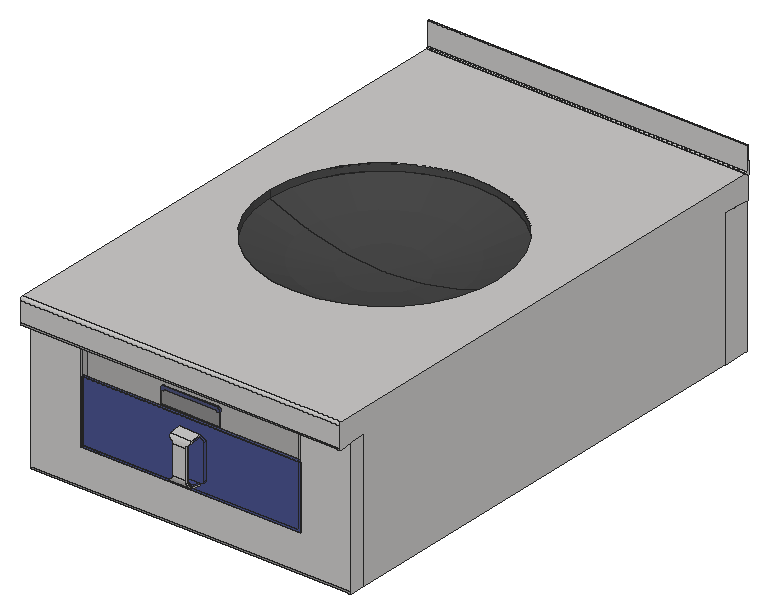
Revit family "QF_ELECTROLUXPROFESSIONAL_588026_MAIHABEOAO", category Specialty Equipment, Revit 2018
Family settings
  Round Connector Dimension = Use Diameter
  Part Type = Normal
  Work Plane-Based = No
  Always vertical = Yes
  Cut with Voids When Loaded = No
  Shared = No
  Room Calculation Point = No
Parameters
  Weight in Pounds = 33.0693
  Watts = 5000 VA  # 5000 W
  Volts = 400 V  # constant formula
  URL Cutsheet = ""
  Type Mark [instance] = ""
  Status [instance] = ""
  Specification by User [instance] = ""
  Specification by Manufacturer = ""
  Show Backsplash [instance] = yes
  Serial Number = ""
  Seismic Rating = ""
  SMACNA No = ""
  Revision Code [instance] = ""
  Phase = 3  # constant formula
  Omniclass Number and Title = ""
  Number of Poles [instance] = 1
  NAFEM Spec ID Number = ""
  Model = "588026"
  Min Ckt Ampacity = 0 A
  Max Overcurrent Protection = 0 A
  Masterspec = ""
  Manufacturer = "ELECTROLUX"
  Item Number [instance] = ""
  Installed By [instance] = ""
  Identify Quantity as Lot [instance] = yes
  HP = "6.7 HP"
  Furnished By [instance] = ""
  Foodservice Equipment Identifier [instance] = yes
  FL Amps [instance] = if(Phase = 3, Watts / (Volts * 1.73), Watts / Volts)  # 7.22543 A
  Electrical Remarks = "400 V/3N ph/50/60 Hz"  # constant formula
  Electric Connection Type [instance] = ""
  Elec Conn RI Height [instance] = 0 mm
  Elec Conn Connection Height [instance] = 0 mm
  Direct Waste Size = 0"
  Description = "INDUCTION WOK,1 ZONE,1S,BS,500X800X250H"
  Cycle [instance] = if([60 Hertz Option], 60 Hz, 50 Hz)  # 60 Hz
  Conn Plug = ""
  Conn Conduit = yes
  CSI MasterFormat = ""
  CSI Master Format = ""
  Back Panel [instance] = not(Show Backsplash)  # no
  Apparent Power [instance] = if(Phase = 3, Volts * FL Amps * 1.73, Volts * FL Amps)  # 5000 VA
  60 Hertz Option [instance] = not([50 Hertz Option])  # yes
  50 Hertz Option [instance] = no
Reference planes
  plane 1 "BACK": y = 0
  plane 2: z = 0
  plane 3 "LEFT": x = 0
  plane 4 "RIGHT": x = 500
  plane 5 "FRONT": y = -800
  plane 6 "TOP": z = 250
  plane 7: x = 250
  plane 8: y = -400
  plane 9: z = 582.185
  plane 10: x = 455
Forms (mm)
  Extrusion 1, solid, material "QF_Finishes_Stainless Steel"
    sketch origin (0, -487.128, 0) x (0, 1, 0) y (0, 0, 1)
      loop
        line (483.128, 250) -> (-308.872, 250)
        arc (-308.872, 250) -> (-311.7, 248.828) -> (-312.872, 246) r 4
        line (-312.872, 246) -> (-312.872, 214)
        arc (-312.872, 214) -> (-311.443, 210.936) -> (-308.177, 210.061) r 4
        line (-308.177, 210.061) -> (-291.509, 213) -> (-266.872, 213) -> (-266.872, 0) -> (441.128, 0) -> (441.128, 213) -> (465.765, 213) -> (482.433, 210.061)
        arc (482.433, 210.061) -> (485.699, 210.936) -> (487.128, 214) r 4
        line (487.128, 214) -> (487.128, 246)
        arc (487.128, 246) -> (485.956, 248.828) -> (483.128, 250) r 4
    from 0 to 500
  Extrusion 2, solid, material "QF_Finishes_Stainless Steel", visible <- "Back Panel"
    sketch origin (0, 0, 0) x (0, 1, 0) y (0, 0, 1)
      loop
        line (-46, 0) -> (-23, 0)
        arc (-23, 0) -> (-20.879, -0.879) -> (-20, -3) r 3
        line (-20, -3) -> (-20, 215)
        arc (-20, 215) -> (-20.586, 213.586) -> (-22, 213) r 2
        line (-22, 213) -> (-46, 213) -> (-46, 0)
    from 0 to 500
  Extrusion 3, solid, material "QF_Finishes_Stainless Steel"
    sketch origin (0, -754, 0) x (1, 0, 0) y (0, -1, 0)
      loop
        circle (455, -69) r 6.35
    from 0 to 3.2
  Revolve 4, void
    sketch origin (-176.365, -400, 1219.2) x (-1, 0, 0) y (0, 0, 1)
      loop
        line (-426.365, -969.2) -> (-426.365, -1021.018)
        arc (-426.365, -1021.018) -> (-334.117, -1010.707) -> (-246.365, -980.45) r 421.407
        line (-246.365, -980.45) -> (-246.365, -969.2) -> (-426.365, -969.2)
      axis (-426.365, -969.2) -> (-426.365, -1021.018)
    angle from 0 to 360
  Extrusion 5, solid, material "QF_Finishes_Stainless Steel", visible <- "Show Backsplash"
    sketch origin (0, 0, 0) x (0, 1, 0) y (0, 0, 1)
      loop
        line (-2.951, 2) -> (-2.951, 210.133)
        arc (-2.951, 210.133) -> (-3.795, 210.009) -> (-4.646, 210.066) r 4
        line (-4.646, 210.066) -> (-21.287, 213) -> (-45, 213) -> (-45, 0) -> (-4.951, 0)
        arc (-4.951, 0) -> (-3.537, 0.586) -> (-2.951, 2) r 2
      loop
        arc (-1.951, 252.006) -> (-2.537, 250.592) -> (-3.951, 250.006) r 2
        arc (-3.951, 250.006) -> (-1.172, 248.828) -> (0, 246) r 4
        line (0, 246) -> (0, 288.006) -> (-1.951, 288.006) -> (-1.951, 252.006)
    from 500 to 0
Cuts and joins
  Revolve 4 cuts Extrusion 1
Lines and regions (mm)
  symbolic lines
    curve 1: line (0, 0, 0) -> (500, 0, 0)
    curve 2: line (0, -800, 0) -> (0, 0, 0)
    curve 3: line (500, -800, 0) -> (0, -800, 0)
    curve 4: line (500, 0, 0) -> (500, -800, 0)
    curve 5: arc (70, -400, 0) -> (250, -220, 0) -> (430, -400, 0) r 180
    curve 6: arc (430, -400, 0) -> (250, -580, 0) -> (70, -400, 0) r 180
  symbolic lines, visible <- "Show Backsplash"
    curve 7: line (0, -1.951, 0) -> (400, -1.951, 0)
Dimensions and locks
  plane 3 "LEFT" to plane 4 "RIGHT" = 500 mm
  plane 5 "FRONT" to plane 1 "BACK" = 800 mm
  equal spacing: plane 3 "LEFT", plane 7, plane 4 "RIGHT"
  equal spacing: plane 5 "FRONT", plane 8, plane 1 "BACK"
  plane 6 "TOP" to level = 250 mm  (x2)
  plane 1 "BACK" to plane 5 "FRONT" = 800 mm
  Extrusion 3 sketch curve to plane 1 "BACK" = 685 mm
  Extrusion 3 sketch curve to plane 4 "RIGHT" = 45 mm
  plane 1 "BACK" to Extrusion 3 = 685 mm
  plane 10 to plane 4 "RIGHT" = 45 mm
  aligned and locked: level to plane 2
  aligned and locked: Extrusion 2 to plane 4 "RIGHT"
  aligned and locked: plane 7 to nested 1
Automatic sketch dimensions
  Extrusion 1 sketch curve to plane 5 "FRONT" = 0 mm
  Extrusion 1 sketch curve to plane 6 "TOP" = 0 mm
  Extrusion 1 sketch curve to level = 0 mm
  Extrusion 1 sketch curve to plane 1 "BACK" = 0 mm
  Extrusion 1 sketch curve to plane 6 "TOP" = 37 mm  (x2)
  Extrusion 1 sketch curve to plane 5 "FRONT" = 4 mm
  Extrusion 1 sketch curve to plane 5 "FRONT" = 21.363 mm
  Extrusion 1 sketch curve to Extrusion 1 sketch curve = 24.637 mm
  plane 1 "BACK" to Extrusion 1 sketch curve = 46 mm
  plane 1 "BACK" to Extrusion 1 sketch curve = 21.363 mm
  plane 1 "BACK" to Extrusion 1 sketch curve = 4 mm  (x2)
  Extrusion 1 sketch curve to Extrusion 1 sketch curve = 4 mm
  Extrusion 1 sketch curve to Extrusion 1 sketch curve = 0.695 mm
  Extrusion 1 sketch curve to Extrusion 1 sketch curve = 0 mm  (x4)
  plane 1 "BACK" to Extrusion 1 sketch curve = 4.695 mm
  Extrusion 1 sketch curve to Extrusion 1 sketch curve = 1 mm  (x2)
  Extrusion 2 sketch curve to level = 0 mm
  plane 1 "BACK" to Extrusion 2 sketch curve = 46 mm
  Extrusion 2 sketch curve to level = 3 mm
  Extrusion 2 sketch curve to Extrusion 2 sketch curve = 23 mm
  Extrusion 2 sketch curve to Extrusion 2 sketch curve = 2 mm
  Extrusion 2 sketch curve to plane 6 "TOP" = 37 mm
  Revolve 4 sketch curve to plane 7 = 0 mm  (x2)
  Revolve 4 sketch curve to plane 6 "TOP" = 0 mm
  Revolve 4 sketch curve to plane 6 "TOP" = 51.818 mm
  plane 3 "LEFT" to Revolve 4 sketch curve = 70 mm
  plane 7 to Revolve 4 sketch curve = 0.405 mm
  Revolve 4 sketch curve to Revolve 4 sketch curve = 11.25 mm
  Revolve 4 sketch curve to level = 215 mm
  plane 6 "TOP" to Revolve 4 sketch curve = 110 mm
  plane 1 "BACK" to curve 1 = 0 mm
  curve 1 to plane 4 "RIGHT" = 0 mm
  curve 2 to plane 3 "LEFT" = 0 mm
  plane 5 "FRONT" to curve 3 = 0 mm
  curve 5 to plane 8 = 0 mm
  curve 6 to plane 7 = 0 mm
  plane 10 to curve 5 = 25 mm
  Extrusion 5 sketch curve to level = 0 mm
  Extrusion 5 sketch curve to plane 1 "BACK" = 0 mm  (x2)
  level to Extrusion 5 sketch curve = 2 mm
  Extrusion 5 sketch curve to plane 6 "TOP" = 0 mm
  plane 1 "BACK" to Extrusion 5 sketch curve = 1.951 mm
  plane 1 "BACK" to Extrusion 5 sketch curve = 2.951 mm
  Extrusion 5 sketch curve to Extrusion 5 sketch curve = 18.335 mm
  Extrusion 5 sketch curve to Extrusion 5 sketch curve = 40.049 mm
  Extrusion 5 sketch curve to Extrusion 5 sketch curve = 1.695 mm
  Extrusion 5 sketch curve to Extrusion 5 sketch curve = 0 mm  (x3)
  plane 1 "BACK" to Extrusion 5 sketch curve = 4 mm
  plane 1 "BACK" to Extrusion 5 sketch curve = 3.951 mm
  Extrusion 5 sketch curve to Extrusion 5 sketch curve = 2 mm
  Extrusion 5 sketch curve to Extrusion 5 sketch curve = 35.867 mm
  Extrusion 5 sketch curve to plane 6 "TOP" = 37 mm
  plane 6 "TOP" to Extrusion 5 sketch curve = 2.006 mm
  Extrusion 5 sketch curve to Extrusion 5 sketch curve = 36 mm
  Extrusion 5 sketch curve to Extrusion 5 sketch curve = 0.066 mm
  curve 7 to plane 3 "LEFT" = 0 mm
  plane 1 "BACK" to curve 7 = 1.951 mm
  plane 10 to curve 7 = 55 mm
  radius of Extrusion 3 sketch curve = 6.35 mm
Nested families
  nested 1: "IW_800_500 Panel Single Centered" at (250, -754, -651.71), type "IW_800_500 Panel Single Centered"
Connectors
  electrical at (455, -685, -3.2), driven by "Volts", driven by "Watts"
    settings: on Extrusion 3, index 1, voltage 400 V, apparent load 5000 VA, apparent load phase1 0 VA, apparent load phase2 0 VA, apparent load phase3 0 VA, power factor 1, load classification "Other", number of poles 1, system type 30, power factor state 1, is connector primary yes, connector utility no, sub classification motor no, connector description "ELECTRICAL CONNECTION"
Definition of nested family "IW_800_500 Panel Single Centered"
  Reference planes
    plane 1 "Center (Front/Back)": y = 0
    plane 2: z = 0
    plane 3 "Center (Left/Right)": x = 0
  Forms (mm)
    Extrusion 1, solid
      sketch origin (833.217, 829.203, -1.25) x (0, 1, 0) y (0, 0, 1)
        loop
          arc (-854.203, 655.96) -> (-853.324, 653.839) -> (-851.203, 652.96) r 3
          line (-851.203, 652.96) -> (-829.203, 652.96) -> (-829.203, 865.96) -> (-854.203, 865.96) -> (-854.203, 655.96)
      from -1083.217 to -583.217
    Extrusion 2, void
      sketch origin (33.217, 829.203, 0.636) x (1, 0, 0) y (0, 0, 1)
        loop
          line (-205.217, 852.364) -> (-205.217, 710.364) -> (138.783, 710.364) -> (138.783, 852.364) -> (-205.217, 852.364)
      from 843.409 to 854.203
  Cuts and joins
    Extrusion 2 cuts Extrusion 1
  Lines and regions (mm)
    symbolic lines
      curve 1: line (16.108, -48.326, 0) -> (16.108, -46, 0)
      curve 2: spline (10.439, -49.73, 0) -> (10.918, -49.657, 0) -> (11.396, -49.575, 0) -> (11.873, -49.486, 0) -> (12.349, -49.389, 0) -> (12.823, -49.283, 0) -> (13.297, -49.17, 0) -> (13.769, -49.049, 0) -> (14.24, -48.92, 0) -> (14.71, -48.783, 0) -> (15.177, -48.638, 0) -> (15.643, -48.486, 0) -> (16.108, -48.326, 0)
      curve 3: line (-16.108, -48.326, 0) -> (-16.108, -46, 0)
      curve 4: spline (-16.108, -48.326, 0) -> (-15.643, -48.486, 0) -> (-15.177, -48.638, 0) -> (-14.71, -48.783, 0) -> (-14.24, -48.92, 0) -> (-13.769, -49.049, 0) -> (-13.297, -49.17, 0) -> (-12.823, -49.283, 0) -> (-12.349, -49.389, 0) -> (-11.873, -49.486, 0) -> (-11.396, -49.575, 0) -> (-10.918, -49.657, 0) -> (-10.439, -49.73, 0)
      curve 5: line (10.439, -49.73, 0) -> (-10.439, -49.73, 0)
  Dimensions and locks
    cut or joined group of Extrusion 1, Extrusion 2 to cut or joined group of Extrusion 1, Extrusion 2 = 500 mm  (x2)
    equal spacing: cut or joined group of Extrusion 1, Extrusion 2, nested 1, cut or joined group of Extrusion 1, Extrusion 2
    cut or joined group of Extrusion 1, Extrusion 2 to cut or joined group of Extrusion 1, Extrusion 2 = 213 mm
    aligned and locked: nested 1 to cut or joined group of Extrusion 1, Extrusion 2
  Automatic sketch dimensions
    curve 3 to plane 3 "Center (Left/Right)" = 16.108 mm
    plane 3 "Center (Left/Right)" to curve 5 = 10.439 mm
    plane 1 "Center (Front/Back)" to curve 5 = 49.73 mm
    curve 3 to curve 5 = 5.669 mm
    curve 5 to curve 1 = 5.669 mm
    curve 5 to curve 4 = 4.17 mm
    plane 3 "Center (Left/Right)" to curve 2 = 6.269 mm
    curve 5 to curve 1 = 1.405 mm
    curve 4 to curve 3 = 1.405 mm
    curve 2 to curve 2 = 0.302 mm
    curve 4 to curve 5 = 0.302 mm
    curve 1 to curve 1 = 2.326 mm
    curve 4 to curve 3 = 2.326 mm
    Extrusion 1 sketch curve to plane 1 "Center (Front/Back)" = 0 mm
    level to Extrusion 1 sketch curve = 651.71 mm
    Extrusion 1 sketch curve to Extrusion 1 sketch curve = 22 mm
    Extrusion 1 sketch curve to Extrusion 1 sketch curve = 3 mm
    Extrusion 1 sketch curve to Extrusion 1 sketch curve = 210 mm
    Extrusion 2 sketch curve to plane 3 "Center (Left/Right)" = 172 mm
    level to Extrusion 2 sketch curve = 711 mm
    plane 3 "Center (Left/Right)" to Extrusion 2 sketch curve = 172 mm
    Extrusion 2 sketch curve to Extrusion 2 sketch curve = 142 mm
  Nested families
    nested 1: "glass conrol panel One Right Side" at (0, 279.791, 1.886), type "glass conrol panel One Right Side"
    nested 2: "Range Control Handle" at (0, -27.043, -209.113), type "Range Control Handle"
  Definition of nested family "glass conrol panel One Right Side"
    Reference planes
      plane 1 "Center (Front/Back)": y = 0
      plane 2: z = 0
      plane 3 "Center (Left/Right)": x = 0
    Forms (mm)
      Extrusion 1, solid
        sketch origin (378.286, 0, 0.617) x (1, 0, 0) y (0, 0, 1)
          loop
            line (-550.286, 806.791) -> (-550.286, 708.497) -> (-206.286, 708.497) -> (-206.286, 806.791) -> (-550.286, 806.791)
        from 300.031 to 304.8
      Extrusion 2, solid
        sketch origin (378.286, 0, 0.617) x (1, 0, 0) y (0, 0, 1)
          loop
            line (-550.286, 850.497) -> (-550.286, 806.791) -> (-206.286, 806.791) -> (-206.286, 850.497) -> (-550.286, 850.497)
        from 300.031 to 304.8
      Extrusion 3, solid
        sketch origin (308.333, 1.101, -0.633) x (1, 0, 0) y (0, 0, 1)
          loop
            line (-261.431, 812.62) -> (-261.431, 834.177) -> (-266.24, 834.177) -> (-268.039, 835.977) -> (-348.469, 835.977) -> (-350.269, 834.177) -> (-355.186, 834.177) -> (-355.186, 812.62) -> (-261.431, 812.62)
        from 304.798 to 306.745
      Extrusion 4, solid
        sketch origin (308.333, 1.101, -0.633) x (1, 0, 0) y (0, 0, 1)
          loop
            line (-350.269, 834.177) -> (-348.469, 835.977) -> (-268.039, 835.977) -> (-266.24, 834.177) -> (-261.529, 834.177)
            arc (-261.529, 834.177) -> (-262.706, 838.752) -> (-266.98, 840.763) r 5.549
            line (-266.98, 840.763) -> (-349.686, 840.763)
            arc (-349.686, 840.763) -> (-353.942, 838.747) -> (-355.078, 834.177) r 5.5
            line (-355.078, 834.177) -> (-350.269, 834.177)
        from 304.798 to 306.745
      Extrusion 5, void
        sketch origin (378.286, 0, 0.617) x (1, 0, 0) y (0, 0, 1)
          loop
            line (-547.628, 847.565) -> (-547.628, 710.699) -> (-209.196, 710.699) -> (-209.196, 847.565) -> (-547.628, 847.565)
        from 303.697 to 304.8
    Cuts and joins
      Extrusion 5 cuts Extrusion 2
      Extrusion 5 cuts Extrusion 1
    Dimensions and locks
      aligned and locked: Extrusion 1 to Extrusion 2
      aligned and locked: Extrusion 4 sketch curve to Extrusion 3  (x4)
      aligned and locked: Extrusion 3 to Extrusion 4 sketch curve
      aligned and locked: Extrusion 4 to Extrusion 3
  Definition of nested family "Range Control Handle"
    Reference planes
      plane 1 "Center (Front/Back)": y = 0
      plane 2: z = 0
      plane 3 "Center (Left/Right)": x = 0
      plane 4: z = 971.092
    Forms (mm)
      Extrusion 1, solid
        sketch origin (-746.28, 380.497, 208.931) x (-1, 0, 0) y (0, 0, 1)
          loop
            line (-770.101, 786.798) -> (-770.101, 731.649)
            arc (-770.101, 731.649) -> (-769.759, 730.563) -> (-768.855, 729.87) r 1.893
            line (-768.855, 729.87) -> (-763.474, 727.911) -> (-729.81, 727.911) -> (-724.428, 729.87)
            arc (-724.428, 729.87) -> (-723.525, 730.563) -> (-723.183, 731.649) r 1.893
            line (-723.183, 731.649) -> (-723.183, 786.798)
            arc (-723.183, 786.798) -> (-723.529, 787.894) -> (-724.44, 788.593) r 1.91
            line (-724.44, 788.593) -> (-729.683, 790.819) -> (-763.601, 790.819) -> (-768.844, 788.593)
            arc (-768.844, 788.593) -> (-769.755, 787.894) -> (-770.101, 786.798) r 1.91
        from -382.35 to -378.852
      Sweep 2, solid
        path origin (-746.788, 380.496, 208.091) x (0, -1, 0) y (0, 0, 1)
          loop
            line (379.775, 793.281) -> (395.661, 791.048)
            arc (395.661, 791.048) -> (397.781, 787.377) -> (398.517, 783.202) r 12.207
            line (398.517, 783.202) -> (398.517, 737.368)
            arc (398.517, 737.368) -> (397.781, 733.193) -> (395.661, 729.522) r 12.207
            line (395.661, 729.522) -> (379.775, 727.289)
        profile origin (-746.788, -7.222, 1000.256) x (0, -0.139173, 0.990268) y (-1, 0, 0)
          loop
            line (0.782, -763.123) -> (0.782, -730.907) -> (-1.322, -730.907) -> (-1.322, -763.123) -> (0.782, -763.123)
      Sweep 3, solid
        path origin (-746.788, 380.715, 207.832) x (0, -1, 0) y (0, 0, 1)
          loop
            line (380.478, 795.442) -> (397.218, 793.09)
            arc (397.218, 793.09) -> (399.929, 788.473) -> (400.871, 783.202) r 15.207
            line (400.871, 783.202) -> (400.871, 737.584)
            arc (400.871, 737.584) -> (399.914, 732.274) -> (397.164, 727.633) r 15.207
            line (397.164, 727.633) -> (380.601, 725.305)
        profile origin (-746.788, -8.132, 1002.099) x (0, -0.139173, 0.990268) y (-1, 0, 0)
          loop
            line (0.782, -763.123) -> (0.782, -730.907) -> (-1.322, -730.907) -> (-1.322, -763.123) -> (0.782, -763.123)
      Extrusion 4, void
        sketch origin (889.253, 220.666, 207.993) x (1, 0, 0) y (0, 0, 1)
          loop
            line (-943.038, 816.854) -> (-943.038, 703.686) -> (-899.466, 734.196) -> (-899.466, 786.344) -> (-943.038, 816.854)
        from 230.636 to 242.25
      Extrusion 5, void
        sketch origin (-888.8, 220.666, 207.993) x (-1, 0, 0) y (0, 0, -1)
          loop
            line (-943.038, -816.854) -> (-899.466, -786.344) -> (-899.466, -734.196) -> (-943.038, -703.686) -> (-943.038, -816.854)
        from 230.636 to 242.25
      Extrusion 6, solid
        sketch origin (0, 0, 0) x (1, 0, 0) y (0, 0, 1)
          loop
            circle (0, 971.092) r 7.736
        from -3.137 to -1.645
    Cuts and joins
      Extrusion 4, Extrusion 5 cuts Sweep 3
      Extrusion 4, Extrusion 5 cuts Sweep 2
      joined: Extrusion 1, Extrusion 6
    Lines and regions (mm)
      symbolic lines
        curve 1: line (23.821, 1.645, 0) -> (-23.097, 1.645, 0)
        curve 2: line (16.334, -1.853, 0) -> (23.821, -1.853, 0)
        curve 3: line (-15.881, -19.189, 0) -> (-15.881, -1.853, 0)
        curve 4: line (-23.097, -1.853, 0) -> (-15.881, -1.853, 0)
        curve 5: line (16.334, -19.189, 0) -> (16.334, -1.853, 0)
        curve 6: spline (-15.881, -19.189, 0) -> (-15.417, -19.349, 0) -> (-14.951, -19.501, 0) -> (-14.483, -19.646, 0) -> (-14.014, -19.783, 0) -> (-13.543, -19.912, 0) -> (-13.071, -20.033, 0) -> (-12.597, -20.146, 0) -> (-12.122, -20.251, 0) -> (-11.646, -20.349, 0) -> (-11.169, -20.438, 0) -> (-10.691, -20.52, 0) -> (-10.213, -20.593, 0)
        curve 7: spline (10.666, -20.593, 0) -> (11.144, -20.52, 0) -> (11.622, -20.438, 0) -> (12.099, -20.349, 0) -> (12.575, -20.251, 0) -> (13.05, -20.146, 0) -> (13.524, -20.033, 0) -> (13.996, -19.912, 0) -> (14.467, -19.783, 0) -> (14.936, -19.646, 0) -> (15.404, -19.501, 0) -> (15.87, -19.349, 0) -> (16.334, -19.189, 0)
        curve 8: line (-10.213, -20.938, 0) -> (10.716, -20.938, 0)
        curve 9: line (-23.097, 1.645, 0) -> (-23.097, -1.853, 0)
        curve 10: line (23.821, 1.645, 0) -> (23.821, -1.853, 0)
